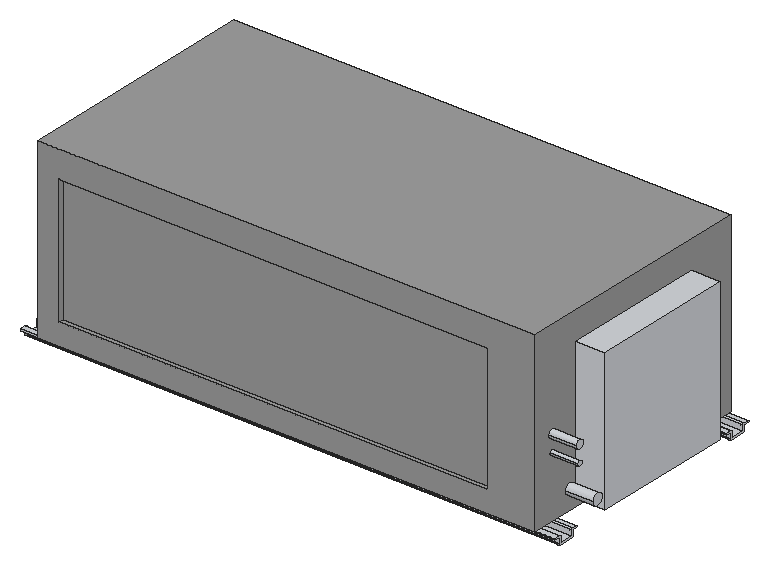
Revit family "Midea_VRF_Indoor_MI2-560FADHN1(50Hz-60Hz)", category Equipamento mecânico, Revit 2019
Family settings
  Cota do conector redondo = Utilizar diâmetro
  Tipo de parte = Normal
  Número OmniClass = 23.75.00.00
  Título OmniClass = Climate Control (HVAC)
  Com base no plano de trabalho = Não
  Sempre na vertical = Sim
  Corte com vazios quando carregada = Não
  Compartilhado = Não
  Ponto de cálculo do ambiente = Não
Parameters (values of type "4TVF0192EF000AA")
  clearance access right = 600.000 mm
  clearance access left = 600.000 mm
  clearance access front = 500.000 mm
  clearance access behind = 600.000 mm
  clearance [instance] = no
  Width = 2010.000 mm
  URL = "https://www.trane.com/commercial/latin-america/br/pt.html"
  Series = "ULTRA"
  Power supply = "220-240V ~50/60Hz"
  Net Weight = 218.00 kg
  Modelo = "4TVF0192EF000AA"
  Minimum Circuit Amps = 14.5 A
  Maximum Fuse Amps = 30 A
  Fabricante = "TRANE"
  Liquid pipe = 15.900 mm
  Installation = "Indoor installation"
  Height = 680.000 mm
  Heating Power Input = 2272.000 W
  Heating Capacity = 39.00 kW
  Gas pipe = 28.600 mm
  Gas = "R410a"
  Descrição = "High efficiency air cooled"
  Depth = 905.000 mm
  Cooling Power Input = 2272.000 W
  Cooling Capacity = 56.00 kW
  Condensation = "air"
  Compressor = ""
  Air  Flow = "6000/5665/5330/5000/4665/4330/4000 m3/h"
Reference planes
  plane 1 "Center (Front/Back)": y = 0
  plane 2: z = 0
  plane 3 "Center (Left/Right)": x = 0
  plane 4: x = 1025
  plane 5: y = -452.5
  plane 6: y = 452.5
  plane 7: x = 1025
  plane 8: x = -985
Forms (mm)
  Extrusion 1, solid, material "Default"
    sketch origin (0, 0, 0) x (1, 0, 0) y (0, 1, 0)
      loop
        line (-915, 452.5) -> (-915, -452.5) -> (915, -452.5) -> (915, 452.5) -> (-915, 452.5)
    from 30 to 680
  Extrusion 2, void
    sketch origin (0, 0, 0) x (1, 0, 0) y (0, 0, 1)
      loop
        line (-835, 580) -> (-835, 110) -> (745, 110) -> (745, 580) -> (-835, 580)
    from 434.5 to 464.5
  Extrusion 3, void
    sketch origin (0, 0, -20) x (1, 0, 0) y (0, 0, 1)
      loop
        line (-300, 580) -> (-600, 580) -> (-600, 280) -> (-300, 280) -> (-300, 580)
      loop
        line (600, 580) -> (300, 580) -> (300, 280) -> (600, 280) -> (600, 580)
    from -464.5 to -140.853
  Extrusion 4, solid
    sketch origin (500, 500, 0) x (0, -1, 0) y (0, 0, -1)
      loop
        circle (197.032, -436.201) r 130
    from -180 to 80
  Extrusion 5, solid
    sketch origin (-380, 500, 0) x (0, -1, 0) y (0, 0, -1)
      loop
        circle (197.032, -436.201) r 130
    from -200 to 60
  Extrusion 6, solid
    sketch origin (0, 0, 0) x (0, 1, 0) y (0, 0, 1)
      loop
        line (-265, 580) -> (-265, 60) -> (265, 60) -> (265, 580) -> (-265, 580)
    from 915 to 1025
  Extrusion 7, solid
    sketch origin (0, 0, 0) x (0, 1, 0) y (0, 0, 1)
      loop
        circle (-292.517, 105.719) r 20
    from 915 to 1020
  Extrusion 8, solid
    sketch origin (0, 0, 0) x (0, 1, 0) y (0, 0, 1)
      loop
        circle (-374.345, 260.518) r 7.95
    from 915 to 1020
  Extrusion 9, solid
    sketch origin (0, 0, 0) x (0, 1, 0) y (0, 0, 1)
      loop
        circle (-374.825, 323.782) r 14.3
    from 915 to 1020
Cuts and joins
  Extrusion 2, Extrusion 3 cuts Extrusion 1
Dimensions and locks
  aligned and locked: level to plane 2
Nested families
  nested 1: "pingban2-HXL" at (0, 394.5, 0), type "pingban2-HXL"
    with Width 1930.000 mm, Height 30.000 mm, Depth 50.000 mm
  nested 2: "pingban2-HXL" at (0, -394.5, 0), type "pingban2-HXL"
    with Width 1930.000 mm, Height 30.000 mm, Depth 50.000 mm
Connectors
  hvac at (-45, -452.5, 345)
    settings: on cut or joined group of Extrusion 1, Extrusion 2, Extrusion 3, index 1, duct flow 0.00 m³/h, flow factor 0, pres drop 0.00 in-wg, loss coef 0, conn angle 0.00°, conn width 62.20472", conn height 18.50394", conn diameter 24", duct sys type 1, conn prof type 1, flow config 0, flow direction 0, loss method 0, conn ref index -1, conn util no, is conn primary yes, conn desc ""
  piping at (1020, -374.345, 260.518), diameter 15.9
    settings: on Extrusion 8, index 2, connector inside diameter 0.62598", connector length 0.000 mm, flow factor 0, pipe flow 0 GPM, pressure drop 0.00 psi, fitting loss kfactor 0, connector angle 0.00°, fixture units 0, engagement length 0.000 mm, angle of deflection 0.00°, flow configuration 0, flow direction 0, fitting loss method 0, system type 29, joint type 0, gender type 0, connector reference index -1, connector utility 0, adjustable connector no, is connector primary yes, connector description "Liquid pipe"
  piping at (1020, -374.825, 323.782), diameter 28.6
    settings: on Extrusion 9, index 3, connector inside diameter 1.12598", connector length 0.000 mm, flow factor 0, pipe flow 0 GPM, pressure drop 0.00 psi, fitting loss kfactor 0, connector angle 0.00°, fixture units 0, engagement length 0.000 mm, angle of deflection 0.00°, flow configuration 0, flow direction 0, fitting loss method 0, system type 29, joint type 0, gender type 0, connector reference index -1, connector utility 0, adjustable connector no, is connector primary no, connector description "Gas pipe"
  electrical at (1025, 0, 320)
    settings: on Extrusion 6, index 4, voltage 220 V, apparent load 0 VA, apparent load phase1 0 VA, apparent load phase2 0 VA, apparent load phase3 0 VA, power factor 1, load classification "Other", number of poles 1, system type 30, power factor state 1, is connector primary yes, connector utility no, sub classification motor no, connector description ""
  hvac at (0, 452.5, 355)
    settings: on cut or joined group of Extrusion 1, Extrusion 2, Extrusion 3, index 5, duct flow 0.00 m³/h, flow factor 0, pres drop 0.00 in-wg, loss coef 0, conn angle 0.00°, conn width 62.20472", conn height 18.50394", conn diameter 24", duct sys type 1, conn prof type 1, flow config 0, flow direction 0, loss method 0, conn ref index -1, conn util no, is conn primary no, conn desc ""
Definition of nested family "pingban2-HXL"
  Parameters
    Width [instance] = 1930.000 mm
    Series = ""
    Machine material = none
    Installation = ""
    Height [instance] = 30.000 mm
    Gas = ""
    Depth [instance] = 50.000 mm
    Condensation = ""
  Reference planes
    plane 1 "Center (Front/Back)": y = 0
    plane 2: z = 0
    plane 3 "Center (Left/Right)": x = 0
    plane 4: z = 160
    plane 5: x = 1930
    plane 6: y = 50
    plane 7: y = -50
    plane 8: z = 30
    plane 9: y = -25
    plane 10: y = 25
    plane 11: x = -985
    plane 12: x = 985
  Forms (mm)
    Extrusion 1, solid
      sketch origin (0, 0, 0) x (0, 1, 0) y (0, 0, 1)
        loop
          line (-50, 30) -> (-50, 25) -> (-30, 25) -> (-30, 5)
          arc (-30, 5) -> (-28.536, 1.464) -> (-25, 0) r 5
          line (-25, 0) -> (25, 0)
          arc (25, 0) -> (28.536, 1.464) -> (30, 5) r 5
          line (30, 5) -> (30, 25) -> (50, 25) -> (50, 30) -> (30, 30)
          arc (30, 30) -> (26.464, 28.536) -> (25, 25) r 5
          line (25, 25) -> (25, 5) -> (-25, 5) -> (-25, 25)
          arc (-25, 25) -> (-26.464, 28.536) -> (-30, 30) r 5
          line (-30, 30) -> (-50, 30)
      from -985 to 985
  Dimensions and locks
    aligned and locked: level to plane 2
